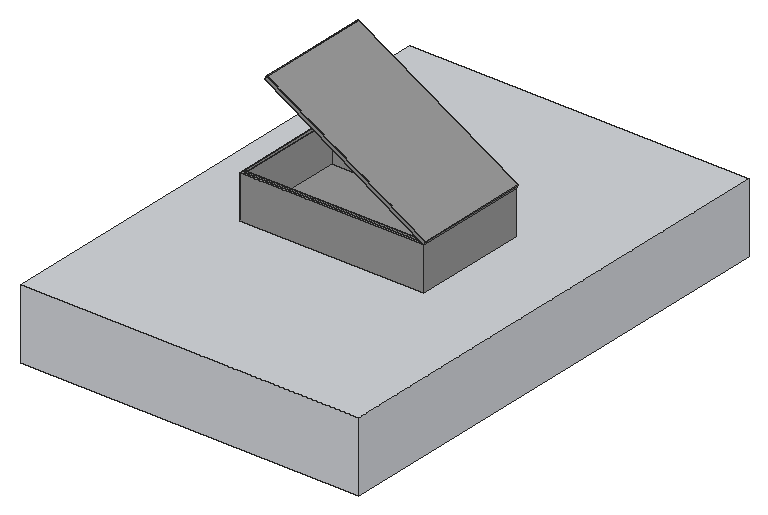
Revit family "Hager-Univers-IP44-D205-H500-Cl.II-Encl-PL-pl", category Equipement électrique, Revit 2020
Family settings
  Hôte = Face
  Configuration du panneau = Deux colonnes, circuits au sein
  Cote de connecteur circulaire = Utiliser le diamètre
  Type d'élément = Tableau de raccordement
  Couper avec des vides une fois chargée = Non
  Partagée = Non
  Point de calcul de pièce = Non
Parameters (values of type "Montaż natynkowy IP44 S800 W500 G205  - FP33SN2")
  Width Control [instance] = if([EF000008 - Szerokość] > Min Width, [EF000008 - Szerokość], Min Width)  # 800 mm
  Commentaires du type = [HG000003 - Zakres]  # "Univers"
  Thickness Door [instance] = if([EF009171 - Drzwi/pokrywa z materiału o wysokiej wytrzymałości mechanicznej] > 3 mm, 3 mm, [EF009171 - Drzwi/pokrywa z materiału o wysokiej wytrzymałości mechanicznej])  # 1 mm
  Seal Frame Offset [instance] = 17 mm  # constant formula
  Plinth Visibility [instance] = [HG000027 - Wysokość cokołu] > 0 mm  # no
  Model = ""
  Min Width [instance] = 100 mm  # constant formula
  Min Height [instance] = 100 mm  # constant formula
  Min Depth [instance] = (2 * [EF009170 - Obudowa z materiału o wysokiej wytrzymałości mechanicznej]) + 1 mm  # 3 mm
  Internal Frame Depth [instance] = (Door System Depth * 0.5)  # 9 mm
  Height Control [instance] = if([EF000040 - Wysokość] > Min Height, [EF000040 - Wysokość], Min Height)  # 500 mm
  HG000027 - Wysokość cokołu = 0 mm
  HG000026 - Stojąca = no
  HG000024 - Wysokość części dolnej = 800 mm
  HG000023 - Obudowa dwusekcyjna = no
  HG000016 - Widoczność drzwi w widoku 3D [instance] = yes
  HG000015 - Przestrzeń robocza - otwarcie drzwi [instance] = no
  HG000014 - Drzwi prawe [instance] = yes
  HG000013 - Drzwi lewe [instance] = not([HG000014 - Drzwi prawe])  # no
  HG000012 - Kąt otwarcia drzwi [instance] = 30.00°
  HG000010 - Drzwi asymetryczne = no
  HG000009 - Drzwi dwuskrzydłowe = no
  HG000006 - Montaż podtynkowy = no
  HG000004 - Referencja producenta = "FP33SN2"
  HG000003 - Zakres = "Univers"
  HG000002 - Z drzwiami lub pokrywą = yes
  Frame Offset Bottom [instance] = 10 mm  # constant formula
  Frame Offset [instance] = 15 mm  # constant formula
  EF015940 - Pokrywa z wyzwalaczem nadciśnieniowym = no
  EF011959 - Stopień ochrony (NEMA) = ""
  EF009554 - Liczba otworów pod flansze = 6
  Fabricant = "Hager"  # constant formula
  EF009212 - Wykonanie pokrywy = "EV000116 - Zamknięty"
  EF009171 - Drzwi/pokrywa z materiału o wysokiej wytrzymałości mechanicznej = 1 mm
  EF009170 - Obudowa z materiału o wysokiej wytrzymałości mechanicznej = 1 mm
  EF008873 - Prąd znamionowy (In) = 250 A
  EF007800 - Do ochrony odgromowej = no
  EF006306 - Z zamkiem = no
  EF006244 - Transparentna pokrywa/drzwi = no
  EF005474 - Stopień ochrony (IP) = "EV006418 - IP44"
  EF004464 - Rodzaj drzwi = "EV002646 - Pojedynczy"
  EF004427 - Liczba modułów = 108
  EF004293 - Odporność udarowa = "EV006815 - IK09"
  EF003532 - Do zastosowań zewnętrznych = no
  EF002950 - Szerokość wyrażona liczbą modułów = 36
  EF001613 - Podtrzymanie funkcji = "EV000494 - Brak"
  EF001596 - Materiał obudowy = "EV000179 - Stal"
  EF001131 - Głębokość wewnętrzna = 143 mm
  EF001088 - Możliwość rozbudowy = yes
  EF000437 - Liczba wejść kablowych = 6
  EF000339 - Rodzaj pokrywy = "EV001012 - Pokrywa"
  EF000266 - Liczba rzędów = 3
  EF000218 - Głębokość wbudowania = 205 mm
  EF000118 - Z płytą montażową = no
  EF000116 - Numer RAL = "9010"
  EF000049 - Głębokość = 205 mm
  EF000040 - Wysokość = 500 mm
  EF000008 - Szerokość = 800 mm
  EF000007 - Kolor = "EV000202 - Biały"
  EF000003 - Sposób montażu = "EV000384 - Montaż natynkowy"
  Door System Leaf Tolerance [instance] = 1.5 mm  # constant formula
  Door System Depth [instance] = 18 mm  # constant formula
  Door Height [instance] = Height Control - [HG000027 - Wysokość cokołu]  # 500 mm
  Depth Control [instance] = if([EF000049 - Głębokość] > Min Depth, [EF000049 - Głębokość], Min Depth)  # 205 mm
  Default Elevation = 0 mm
  Connector Offset [instance] = Height Control / 2  # 250 mm
  Bottom Top Plate Trim [instance] = 1.5 mm  # constant formula
  Plinth height Ctrl [instance] = if([HG000027 - Wysokość cokołu] > 0 mm, [HG000027 - Wysokość cokołu], 12 mm)  # 12 mm
Types (5, lengths in mm): name | Width Control | HG000010 - Drzwi asymetryczne | HG000009 - Drzwi dwuskrzydłowe | HG000004 - Referencja producenta | EF009554 - Liczba otworów pod flansze | EF004464 - Rodzaj drzwi | EF004427 - Liczba modułów | EF002950 - Szerokość wyrażona liczbą modułów | EF000437 - Liczba wejść kablowych | EF000008 - Szerokość
  Montaż natynkowy IP44 S1050 W500 G205  - FP34SN2 | 1050 | no | yes | "FP34SN2" | 8 | "EV003602 - Podwójny" | 144 | 48 | 8 | 1050
  Montaż natynkowy IP44 S1300 W500 G205  - FP35SN2 | 1300 | yes | yes | "FP35SN2" | 10 | "EV003602 - Podwójny" | 180 | 60 | 10 | 1300
  Montaż natynkowy IP44 S300 W500 G205  - FP31SN2 | 300 | no | no | "FP31SN2" | 2 | "EV002646 - Pojedynczy" | 36 | 12 | 2 | 300
  Montaż natynkowy IP44 S550 W500 G205  - FP32SN2 | 550 | no | no | "FP32SN2" | 4 | "EV002646 - Pojedynczy" | 72 | 24 | 4 | 550
  Montaż natynkowy IP44 S800 W500 G205  - FP33SN2 | 800 | no | no | "FP33SN2" | 6 | "EV002646 - Pojedynczy" | 108 | 36 | 6 | 800
Reference planes
  plane 1 "Center (Front/Back)": y = 0
  plane 2: z = 0
  plane 3 "Center (Left/Right)": x = 0
  plane 4: z = 205
  plane 5: y = 1
  plane 6: y = 250
  plane 7: y = 0
  plane 8: y = 500
  plane 9: z = 0
  plane 10: x = -385
  plane 11: x = 385
  plane 12: x = 384
  plane 13: x = -384
  plane 14: y = 499
  plane 15: x = -383
  plane 16: x = -400
  plane 17: x = 383
  plane 18: x = 400
  plane 19: x = 399
  plane 20: x = -399
  plane 21: y = 11
  plane 22: y = 500
  plane 23: y = 484
  plane 24: z = 187
  plane 25: z = 1
  plane 26: z = 186
  plane 27: z = 204
Forms (mm)
  Extrusion 1, solid
    sketch origin (0, 0, 0) x (1, 0, 0) y (0, 1, 0)
      loop
        line (-702.964, 1305) -> (-702.964, -811.445) -> (766.763, -811.445) -> (766.763, 1305) -> (-702.964, 1305)
    from 0 to -304.8
  Extrusion 2, solid, material "Hager_Steel_RAL7035_Light_Grey", visible <- "Plinth Visibility", detail levels medium+fine
    sketch origin (0, 0, 0) x (1, 0, 0) y (0, 1, 0)
      loop
        line (-400, 0) -> (400, 0) -> (400, 12) -> (-400, 12) -> (-400, 0)
    from 0 to 187
  Extrusion 3, solid, material "Hager_Steel_RAL7035_Light_Grey", detail levels medium+fine
    sketch origin (0, 0, 0) x (1, 0, 0) y (0, 1, 0)
      loop
        line (-400, 0) -> (400, 0) -> (400, 500) -> (-400, 500) -> (-400, 0)
    from 0 to 187
  Extrusion 4, void
    sketch origin (0, 0, 0) x (1, 0, 0) y (0, 1, 0)
      loop
        line (-399, 1) -> (399, 1) -> (399, 499) -> (-399, 499) -> (-399, 1)
    from 1 to 186
  Extrusion 5, void
    sketch origin (-381.607, -4572, 187) x (0, -1, 0) y (-1, 0, 0)
      loop
        line (-4583, 2.393) -> (-5056, 2.393) -> (-5056, -765.607) -> (-4583, -765.607) -> (-4583, 2.393)
    from 0 to 1 <- "EF009170 - Obudowa z materiału o wysokiej wytrzymałości mechanicznej"
  Extrusion 6, solid, material "Hager_Steel_RAL7035_Light_Grey", detail levels fine
    sketch origin (0, 0, 187) x (1, 0, 0) y (0, 1, 0)
      loop
        line (-384, 484) -> (-384, 11) -> (384, 11) -> (384, 484) -> (-384, 484)
      loop
        line (-385, 10) -> (385, 10) -> (385, 485) -> (-385, 485) -> (-385, 10)
    from 0 to 9 <- "Internal Frame Depth"
  Extrusion 7, solid, material "Hager_Steel_RAL7035_Light_Grey", detail levels coarse
    sketch origin (0, 0, 0) x (1, 0, 0) y (0, 1, 0)
      loop
        line (-400, 0) -> (400, 0) -> (400, 500) -> (-400, 500) -> (-400, 0)
    from 0 to 205
  Sweep 8, void
    path in 3D
      loop
        line (-400, 12, 0) -> (400, 12, 0) -> (400, 12, 187) -> (-400, 12, 187) -> (-400, 12, 0)
    profile origin (-400, 12, 93.5) x (-1, 0, 0) y (0, -1, 0)
      loop
        line (0, 0) -> (0, 1.5) -> (-1.5, 1.5)
        arc (-1.5, 1.5) -> (-1.061, 0.439) -> (0, 0) r 1.5
Cuts and joins
  Extrusion 4, Extrusion 5 cuts Extrusion 3
  Sweep 8 cuts Extrusion 2
Lines and regions (mm)
  Masking region 1
    outline origin (0, 0, 0) x (1, 0, 0) y (0, 0, 1)
      loop
        line (-400, 205) -> (-400, 0) -> (400, 0) -> (400, 205) -> (-400, 205)
  Masking region 2, detail levels medium+fine
    outline origin (0, 140, 0) x (0, 1, 0) y (0, 0, 1)
      loop
        line (-140, 0) -> (360, 0) -> (360, 187) -> (-140, 187) -> (-140, 0)
  Masking region 3, not visible, detail levels medium+fine
    outline origin (0, 297.922, 0) x (0, 1, 0) y (0, 0, 1)
      loop
        line (-36.422, 0) -> (3.578, 0) -> (3.578, 194)
        arc (3.578, 194) -> (0.649, 201.071) -> (-6.422, 204) r 10
        line (-6.422, 204) -> (-36.422, 204) -> (-36.422, 0)
  Masking region 4, detail levels coarse
    outline origin (0, 0, 180) x (0, 1, 0) y (0, 0, 1)
      loop
        line (0, -180) -> (500, -180) -> (500, 25) -> (0, 25) -> (0, -180)
  Masking region 5, visible <- "Plinth Visibility", detail levels medium+fine
    outline origin (0, 52.24, 12.345) x (0, 0, -1) y (0, 1, 0)
      loop
        line (10.845, -40.24) -> (-173.155, -40.24)
        arc (-173.155, -40.24) -> (-173.594, -41.301) -> (-174.655, -41.74) r 1.5
        line (-174.655, -41.74) -> (-174.655, -52.24) -> (12.345, -52.24) -> (12.345, -41.74)
        arc (12.345, -41.74) -> (11.285, -41.301) -> (10.845, -40.24) r 1.5
  Masking region 6, detail levels medium+fine
    outline origin (-381.607, -4572, 187) x (-1, 0, 0) y (0, -1, 0)
      loop
        line (18.393, -5072) -> (18.393, -4572) -> (-781.607, -4572) -> (-781.607, -5072) -> (18.393, -5072)
  Masking region 7, visible <- "Plinth Visibility", detail levels medium+fine
    outline origin (-381.607, -4727, 187) x (-1, 0, 0) y (0, -1, 0)
      loop
        arc (16.893, -4739) -> (17.332, -4737.939) -> (18.393, -4737.5) r 1.5
        line (18.393, -4737.5) -> (18.393, -4727) -> (-781.607, -4727) -> (-781.607, -4737.5)
        arc (-781.607, -4737.5) -> (-780.546, -4737.939) -> (-780.107, -4739) r 1.5
        line (-780.107, -4739) -> (16.893, -4739)
  Masking region 8, detail levels coarse
    outline origin (-442.548, -4669.526, 187) x (-1, 0, 0) y (0, -1, 0)
      loop
        line (-42.548, -5169.526) -> (-42.548, -4669.526) -> (-842.548, -4669.526) -> (-842.548, -5169.526) -> (-42.548, -5169.526)
  sketch lines
    curve 1: line (-400, 12, 187) -> (-400, 12, 0)
    curve 2: line (400, 12, 187) -> (-400, 12, 187)
    curve 3: line (400, 12, 187) -> (400, 12, 0)
    curve 4: line (-400, 12, 0) -> (400, 12, 0)
Dimensions and locks
  "Depth Control": plane 4 to Extrusion 1
  "HG000027 - Wysokość cokołu": plane 1 "Center (Front/Back)" to plane 7
  "EF009170 - Obudowa z materiału o wysokiej wytrzymałości mechanicznej": plane 5 to plane 7
  locked: connector elem to plane 3 "Center (Left/Right)"
  equal spacing: plane 8, plane 6, plane 7
  locked: connector elem to plane 6
  "EF009170 - Obudowa z materiału o wysokiej wytrzymałości mechanicznej": plane 8 to plane 14
  "EF009170 - Obudowa z materiału o wysokiej wytrzymałości mechanicznej": plane 10 to plane 13
  "EF009170 - Obudowa z materiału o wysokiej wytrzymałości mechanicznej": plane 12 to plane 11
  "Frame Offset": plane 20 to plane 13
  "Frame Offset": plane 12 to plane 19
  "EF009170 - Obudowa z materiału o wysokiej wytrzymałości mechanicznej": plane 16 to plane 20
  "EF009170 - Obudowa z materiału o wysokiej wytrzymałości mechanicznej": plane 19 to plane 18
  "Seal Frame Offset": plane 16 to plane 15
  "Seal Frame Offset": plane 17 to plane 18
  "Frame Offset Bottom": plane 21 to plane 5
  "Frame Offset": plane 14 to plane 23
  equal spacing: plane 16, plane 3 "Center (Left/Right)", plane 18
  "Width Control": plane 16 to plane 18
  "EF009170 - Obudowa z materiału o wysokiej wytrzymałości mechanicznej": plane 4 to plane 27
  "EF009170 - Obudowa z materiału o wysokiej wytrzymałości mechanicznej": plane 24 to plane 26
  "EF009170 - Obudowa z materiału o wysokiej wytrzymałości mechanicznej": plane 25 to level
  "Door System Depth": plane 4 to plane 24
  "Height Control": plane 1 "Center (Front/Back)" to Extrusion 7 sketch curve
  "Height Control": Masking region 4 sketch curve to plane 1 "Center (Front/Back)"
  "Height Control": plane 1 "Center (Front/Back)" to plane 22
  "Bottom Top Plate Trim": profile plane to Sweep 8 sketch curve
  "Bottom Top Plate Trim": Sweep 8 sketch curve to profile plane
  "Plinth height Ctrl": plane 1 "Center (Front/Back)" to Extrusion 2 sketch curve
  "Plinth height Ctrl": Masking region 5 sketch curve to plane 1 "Center (Front/Back)"
  "Plinth height Ctrl": plane 1 "Center (Front/Back)" to Masking region 7 sketch curve
  "Thickness Door": Extrusion 6 sketch curve to Extrusion 6 sketch curve  (x3)
  "Thickness Door": cut or joined group of Extrusion 3, Extrusion 4, Extrusion 5 to Extrusion 6 sketch curve
  radius of Masking region 3 sketch curve = 10 mm
  "Bottom Top Plate Trim": radius of Masking region 5 sketch curve  (x2)
  "Bottom Top Plate Trim": radius of Sweep 8 sketch curve
  "Bottom Top Plate Trim": radius of Masking region 7 sketch curve  (x2)
  aligned and locked: plane 2 to Extrusion 1
  aligned and locked: level to Extrusion 1
  aligned and locked: level to Masking region 1 sketch curve
  aligned and locked: Masking region 1 sketch curve to plane 18
  aligned and locked: Masking region 1 sketch curve to plane 16
  aligned and locked: plane 7 to Masking region 2 sketch curve
  aligned and locked: level to Masking region 3 sketch curve
  aligned and locked: Masking region 3 sketch curve to plane 27
  aligned and locked: level to Masking region 2 sketch curve
  aligned and locked: plane 1 "Center (Front/Back)" to Extrusion 2 sketch curve
  aligned and locked: Extrusion 3 sketch curve to plane 7
  aligned and locked: plane 16 to Extrusion 3 sketch curve
  aligned and locked: plane 18 to Extrusion 3 sketch curve
  aligned and locked: plane 20 to Extrusion 4 sketch curve
  aligned and locked: plane 19 to Extrusion 4 sketch curve
  aligned and locked: Extrusion 4 sketch curve to plane 5
  aligned and locked: Extrusion 4 to plane 25
  aligned and locked: plane 26 to Extrusion 4
  aligned and locked: plane 24 to Extrusion 3
  aligned and locked: Extrusion 5 sketch curve to plane 21
  aligned and locked: Extrusion 5 sketch curve to plane 13
  aligned and locked: Extrusion 5 sketch curve to plane 12
  aligned and locked: plane 18 to Extrusion 7 sketch curve
  aligned and locked: plane 1 "Center (Front/Back)" to Extrusion 7 sketch curve
  aligned and locked: plane 16 to Extrusion 7 sketch curve
  aligned and locked: plane 4 to Extrusion 7
  aligned and locked: Extrusion 7 to level
  aligned and locked: level to Masking region 4 sketch curve
  aligned and locked: Masking region 4 sketch curve to plane 1 "Center (Front/Back)"
  aligned and locked: Masking region 4 sketch curve to plane 4
  aligned and locked: nested 1 to level
  aligned and locked: nested 1 to plane 16
  aligned and locked: plane 8 to Extrusion 3 sketch curve
  aligned and locked: plane 23 to Extrusion 5 sketch curve
  aligned and locked: plane 14 to Extrusion 4 sketch curve
  aligned and locked: Masking region 2 sketch curve to plane 8
  aligned and locked: level to Masking region 5 sketch curve
  aligned and locked: plane 16 to Extrusion 2 sketch curve
  aligned and locked: plane 18 to Extrusion 2 sketch curve
  aligned and locked: Masking region 5 sketch curve to plane 24
  aligned and locked: Masking region 2 sketch curve to plane 24
  aligned and locked: plane 24 to Extrusion 2
  aligned and locked: profile plane to Sweep 8 sketch curve  (x2)
  aligned and locked: Masking region 6 sketch curve to plane 18
  aligned and locked: Masking region 6 sketch curve to plane 22
  aligned and locked: Masking region 6 sketch curve to plane 16
  aligned and locked: plane 8 to plane 22
  aligned and locked: Masking region 6 sketch curve to plane 7
  aligned and locked: Masking region 7 sketch curve to plane 16
  aligned and locked: Masking region 7 sketch curve to plane 1 "Center (Front/Back)"
  aligned and locked: Masking region 7 sketch curve to plane 18
  aligned and locked: Masking region 8 sketch curve to plane 1 "Center (Front/Back)"
  aligned and locked: Masking region 8 sketch curve to plane 18
  aligned and locked: Masking region 8 sketch curve to plane 22
  aligned and locked: Masking region 8 sketch curve to plane 16
  aligned and locked: nested 2 to plane 7
  aligned and locked: plane 3 "Center (Left/Right)" to nested 2
  aligned and locked: nested 2 to plane 24
  aligned and locked: Extrusion 6 sketch curve to cut or joined group of Extrusion 3, Extrusion 4, Extrusion 5  (x4)
Automatic sketch dimensions
  Extrusion 1 sketch curve to Extrusion 1 sketch curve = 1469.727 mm
  Extrusion 1 sketch curve to Extrusion 1 sketch curve = 2116.445 mm
  Masking region 1 sketch curve to plane 4 = 0 mm
  plane 6 to Masking region 3 sketch curve = 11.5 mm
  Masking region 3 sketch curve to Masking region 3 sketch curve = 30 mm
  Masking region 5 sketch curve to plane 1 "Center (Front/Back)" = 0 mm
Nested families
  nested 1: "Hager_Enclosure_Symbol" at (-400, 0, 0) x (1, 0, 0) z (0, -1, 0), Height <- "Depth Control", Width <- "Width Control", type "Hager_Enclosure_Symbol"
    with Width_Ctrl 800 mm, Width 800 mm, Height_Ctrl 205 mm, Height 205 mm, A_Width_Int 13.453 mm, A_Width 161.438 mm, A_Height_Ctrl 179.375 mm, A_Height 179.375 mm
  nested 2: "EC000058_Univers_Door" at (0, 0, 187) x (1, 0, 0) z (0, 1, 0), Leaf_Tolerance <- "Door System Leaf Tolerance", Angle <- "HG000012 - Kąt otwarcia drzwi", Door_Depth <- "Door System Depth", Door_Left <- "HG000013 - Drzwi lewe", Transparent <- "EF006244 - Transparentna pokrywa/drzwi", Assymetrical <- "HG000010 - Drzwi asymetryczne", Width <- "Width Control", Clearance <- "HG000015 - Przestrzeń robocza - otwarcie drzwi", Double <- "HG000009 - Drzwi dwuskrzydłowe", 3d_Door <- "HG000016 - Widoczność drzwi w widoku 3D", Lock_Visibility <- "EF006306 - Z zamkiem", Width_Ctrl <- "Width Control", Door_Right <- "HG000014 - Drzwi prawe", Door <- "HG000002 - Z drzwiami lub pokrywą", Height <- "Door Height", Thickness <- "Thickness Door", type "EC000058_Univers_Door", detail levels medium+fine
    with min_wh 3 mm, Width_Ctrl 800 mm, Width 800 mm, Transparent no, Thickness 1 mm, Seal_Material Hager_Rubber, Lock_Visibility no, Lock_Material Hager_Plastic_RAL9005_Jet_Black, Leaf_Width 800 mm, Leaf_Tolerance_External_Sides 0 mm, Leaf_Tolerance 1.5 mm, Leaf_Offset 0 mm, Leaf_Height 497 mm, Leaf_2_Width 800 mm, Leaf_2_Offset 400 mm, Leaf_1_Width 800 mm, Leaf_1_Offset 400 mm, Height_Ctrl 500 mm, Height 500 mm, Glass_Material Hager_Glass, Double_Clearance_Ctrl no, Double no, Door_Right_Ctrl yes, Door_Right yes, Door_Material Hager_Steel_RAL7035_Light_Grey, Door_Left_Ctrl no, Door_Left no, Door_Depth 18 mm, Door yes, Clearance_Material Hager_Clearance, Clearance_Depth 800 mm, Clearance_Ctrl no, Clearance no, Assymetrical no, Angle 30.00°, 3d_Door yes
Connectors
  electrical at (0, 250, 0)
    settings: on plane 9, index 1, voltage 0 V, apparent load 0 VA, apparent load phase1 0 VA, apparent load phase2 0 VA, apparent load phase3 0 VA, power factor 1, load classification "Other", number of poles 1, system type 30, power factor state 1, is connector primary yes, connector utility no, sub classification motor no, connector description ""
Definition of nested family "EC000058_Univers_Door"
  Parameters (values of type "EC000058_Univers_Door")
    min_wh [instance] = (2 * Thickness) + 1 mm  # 11 mm
    Width_Ctrl [instance] = 400 mm
    Width [instance] = 500 mm
    Transparent [instance] = yes
    Thickness [instance] = 5 mm
    Seal_Material [instance] = none
    Lock_Visibility [instance] = yes
    Lock_Material [instance] = none
    Leaf_Width [instance] = if((Width_Ctrl - 2 * Leaf_Tolerance_External_Sides) > 0 mm, (Width_Ctrl - 2 * Leaf_Tolerance_External_Sides), min_wh)  # 400 mm
    Leaf_Tolerance_External_Sides [instance] = 0 mm  # constant formula
    Leaf_Tolerance [instance] = 1.5 mm
    Leaf_Offset [instance] = 0 mm  # constant formula
    Leaf_Height [instance] = if((Height_Ctrl - 2 * Leaf_Tolerance) > 0 mm, (Height_Ctrl - 2 * Leaf_Tolerance), min_wh)  # 497 mm
    Leaf_2_Width [instance] = if(and(and(Double, Assymetrical), Door_Left), (Leaf_Width / 3) - (Leaf_Tolerance / 2), if(and(and(Double, Assymetrical), Door_Right), (Leaf_Width / 3) * 2 - (Leaf_Tolerance / 2), if(and(Double, not(Assymetrical)), (Leaf_Width / 2) - Leaf_Tolerance, Leaf_Width)))  # 400 mm
    Leaf_2_Offset [instance] = if(and(Double, Assymetrical), Leaf_2_Width / 2, if(and(Double, not(Assymetrical)), Leaf_Width / 4, Leaf_Width / 2))  # 200 mm
    Leaf_1_Width [instance] = if(and(and(Double, Assymetrical), Door_Right), (Leaf_Width / 3) - (Leaf_Tolerance / 2), if(and(and(Double, Assymetrical), Door_Left), (Width / 3) * 2 - (Leaf_Tolerance / 2), if(and(Double, not(Assymetrical)), (Leaf_Width / 2) - Leaf_Tolerance, Leaf_Width)))  # 400 mm
    Leaf_1_Offset [instance] = if(and(Double, Assymetrical), Leaf_1_Width / 2, if(and(Double, not(Assymetrical)), Leaf_Width / 4, Leaf_Width / 2))  # 200 mm
    Height_Ctrl [instance] = if(Height > min_wh, Height, min_wh)  # 500 mm
    Height [instance] = 500 mm
    Glass_Material [instance] = none
    Double_Clearance_Ctrl [instance] = and(Double, Clearance)  # no
    Double [instance] = no
    Door_Right_Ctrl [instance] = and(or(Door_Right, Double), Door)  # yes
    Door_Right [instance] = yes
    Door_Material [instance] = none
    Door_Left_Ctrl [instance] = and(or(Door_Left, Double), Door)  # no
    Door_Left [instance] = no
    Door_Depth [instance] = 30 mm
    Door [instance] = yes
    Default Elevation = 1219.2 mm
    Clearance_Material [instance] = none
    Clearance_Depth [instance] = if(Leaf_1_Width > Leaf_2_Width, Leaf_1_Width, Leaf_2_Width)  # 400 mm
    Clearance_Ctrl [instance] = and(not(Double), Clearance)  # yes
    Clearance [instance] = yes
    Assymetrical [instance] = yes
    Angle [instance] = 30.00°
    3d_Door [instance] = yes
  Reference planes
    plane 1 "Center (Front/Back)": y = 0
    plane 2 "Bottom": z = 0
    plane 3 "Center (Left/Right)": x = 0
    plane 4: z = 500
    plane 5: x = -200
    plane 6: x = 200
    plane 7: z = 500
    plane 8: x = -200
    plane 9: z = 0
    plane 10: x = 200
    plane 11: y = 0
    plane 12: z = 1.5
    plane 13: x = -600
    plane 14: y = -400
    plane 15: x = 600
    plane 16: x = 0
    plane 17: x = 0
    plane 18: x = -200
    plane 19: x = 200
    plane 20: z = 498.5
  Forms (mm)
    Extrusion 1, solid, material <- "Clearance_Material", visible <- "Double_Clearance_Ctrl"
      sketch origin (1200, 0, 0) x (1, 0, 0) y (0, 0, -1)
        loop
          line (-1800, -498.5) -> (-600, -498.5) -> (-600, 0) -> (-1800, 0) -> (-1800, -498.5)
      from 0 to -400
  Dimensions and locks
    equal spacing: plane 5, plane 3 "Center (Left/Right)", plane 6
    "Width_Ctrl": plane 5 to plane 6
    "Leaf_Offset": plane 5 to plane 8
    "Leaf_Offset": plane 6 to plane 10
    "Leaf_Offset": plane 9 to level
    "Leaf_Offset": plane 4 to plane 7
    "Height_Ctrl": plane 4 to level
    "Leaf_Tolerance": plane 12 to plane 9
    locked: plane 11 to plane 1 "Center (Front/Back)"
    "Leaf_1_Offset": plane 18 to plane 16
    "Leaf_2_Offset": plane 17 to plane 19
    "Leaf_1_Width": plane 13 to plane 8
    "Leaf_2_Width": plane 10 to plane 15
    "Clearance_Depth": plane 14 to plane 1 "Center (Front/Back)"
    "Leaf_Tolerance_External_Sides": plane 8 to plane 18
    "Leaf_Tolerance_External_Sides": plane 19 to plane 10
    "Leaf_Tolerance": plane 7 to plane 20
    aligned and locked: level to plane 2 "Bottom"
    aligned and locked: nested 1 to plane 16
    aligned and locked: nested 2 to plane 17
    aligned and locked: Extrusion 1 to plane 13
    aligned and locked: plane 15 to Extrusion 1
    aligned and locked: Extrusion 1 to plane 14
    aligned and locked: plane 12 to nested 1
    aligned and locked: nested 2 to plane 12
    aligned and locked: Extrusion 1 to plane 11
    aligned and locked: plane 20 to Extrusion 1
    aligned and locked: nested 2 to plane 11
    aligned and locked: nested 1 to plane 11
  Automatic sketch dimensions
    Extrusion 1 sketch curve to level = 0 mm
    plane 5 to Extrusion 1 sketch curve = 400 mm
    plane 6 to Extrusion 1 sketch curve = 400 mm
    Extrusion 1 sketch curve to plane 4 = 1.5 mm
  Nested families
    nested 1: "EC000058_Univers_Door_Leaf" at (0, 0, 1.5), Width <- "Leaf_1_Width", visible <- "Door_Left_Ctrl", Leaf_Height <- "Leaf_Height", Angle <- "Angle", 3d_Door <- "3d_Door", Transparent <- "Transparent", Clearance Material <- "Clearance_Material", Clearance <- "Clearance_Ctrl", Door_Material <- "Door_Material", Glass_Material <- "Glass_Material", Door_Depth <- "Door_Depth", Lock_Material <- "Lock_Material", Seal_Material <- "Seal_Material", Lock_Visibility <- "Lock_Visibility", Thickness <- "Thickness", type "EC000058_Univers_Door_Leaf"
      with Width 400 mm, Transparent_Glass_Offset 30 mm, Transparent_Ctrl yes, Transparent yes, Thickness 5 mm, Standard no, Seal_Material none, Seal_D2 8 mm, Seal_D1 1 mm, Offset_Internal_Frame 10 mm, Lock_Width 20 mm, Lock_Visibility_3d yes, Lock_Visibility yes, Lock_Thickness_3 3 mm, Lock_Thickness_2 1 mm, Lock_Thickness_1 3 mm, Lock_Radius_Offset_2 16 mm, Lock_Radius_Offset_1 15 mm, Lock_Radius_2 5 mm, Lock_Radius 6 mm, Lock_Offset 5 mm, Lock_Material none, Lock_Height 80 mm, Lock_Cover_Top_Offset_2d 17 mm, Lock_Cover_Height -65 mm, Leaf_Height 497 mm, Internal_Seal_Thickness 8 mm, Internal_Seal_Depth_2 4.5 mm, Internal_Frame_Depth 25 mm, Glass_Thickness -1 mm, Glass_Offset -2 mm, Glass_Material none, Door_Material none, Door_Depth 30 mm, Clearance Material none, Clearance yes, Angle_Ctrl 30.00°, Angle 30.00°, 3d_Door yes
    nested 2: "EC000058_Univers_Door_Leaf" at (0, 0, 1.5) x (-1, 0, 0) z (0, 0, 1), Width <- "Leaf_2_Width", visible <- "Door_Right_Ctrl", Leaf_Height <- "Leaf_Height", Angle <- "Angle", 3d_Door <- "3d_Door", Transparent <- "Transparent", Clearance Material <- "Clearance_Material", Clearance <- "Clearance_Ctrl", Door_Material <- "Door_Material", Glass_Material <- "Glass_Material", Door_Depth <- "Door_Depth", Lock_Material <- "Lock_Material", Seal_Material <- "Seal_Material", Lock_Visibility <- "Lock_Visibility", Thickness <- "Thickness", type "EC000058_Univers_Door_Leaf"
      with Width 400 mm, Transparent_Glass_Offset 30 mm, Transparent_Ctrl yes, Transparent yes, Thickness 5 mm, Standard no, Seal_Material none, Seal_D2 8 mm, Seal_D1 1 mm, Offset_Internal_Frame 10 mm, Lock_Width 20 mm, Lock_Visibility_3d yes, Lock_Visibility yes, Lock_Thickness_3 3 mm, Lock_Thickness_2 1 mm, Lock_Thickness_1 3 mm, Lock_Radius_Offset_2 16 mm, Lock_Radius_Offset_1 15 mm, Lock_Radius_2 5 mm, Lock_Radius 6 mm, Lock_Offset 5 mm, Lock_Material none, Lock_Height 80 mm, Lock_Cover_Top_Offset_2d 17 mm, Lock_Cover_Height -65 mm, Leaf_Height 497 mm, Internal_Seal_Thickness 8 mm, Internal_Seal_Depth_2 4.5 mm, Internal_Frame_Depth 25 mm, Glass_Thickness -1 mm, Glass_Offset -2 mm, Glass_Material none, Door_Material none, Door_Depth 30 mm, Clearance Material none, Clearance yes, Angle_Ctrl 30.00°, Angle 30.00°, 3d_Door yes
  Definition of nested family "EC000058_Univers_Door_Leaf"
    Parameters (values of type "EC000058_Univers_Door_Leaf")
      Width [instance] = 2000 mm
      Transparent_Glass_Offset [instance] = 30 mm
      Transparent_Ctrl [instance] = and(Transparent, [3d_Door])  # yes
      Transparent [instance] = yes
      Thickness [instance] = 5 mm
      Standard [instance] = and(not(Transparent), [3d_Door])  # no
      Seal_Material [instance] = none
      Seal_D2 [instance] = 8 mm  # constant formula
      Seal_D1 [instance] = 1 mm  # constant formula
      Offset_Internal_Frame [instance] = 10 mm  # constant formula
      Lock_Width [instance] = 20 mm  # constant formula
      Lock_Visibility_3d [instance] = and(Lock_Visibility, [3d_Door])  # yes
      Lock_Visibility [instance] = yes
      Lock_Thickness_3 [instance] = 3 mm  # constant formula
      Lock_Thickness_2 [instance] = 1 mm  # constant formula
      Lock_Thickness_1 [instance] = 3 mm  # constant formula
      Lock_Radius_Offset_2 [instance] = Lock_Radius_Offset_1 + 1 mm  # 16 mm
      Lock_Radius_Offset_1 [instance] = 15 mm  # constant formula
      Lock_Radius_2 [instance] = Lock_Radius - 1 mm  # 5 mm
      Lock_Radius [instance] = 6 mm  # constant formula
      Lock_Offset [instance] = 5 mm  # constant formula
      Lock_Material [instance] = none
      Lock_Height [instance] = 80 mm  # constant formula
      Lock_Cover_Top_Offset_2d [instance] = Lock_Radius_Offset_2 + 1 mm  # 17 mm
      Lock_Cover_Height [instance] = -(Lock_Height - Lock_Radius_Offset_1)  # -65 mm
      Leaf_Height [instance] = 2720.336 mm
      Internal_Seal_Thickness [instance] = 8 mm  # constant formula
      Internal_Seal_Depth_2 [instance] = 4.5 mm  # constant formula
      Internal_Frame_Depth [instance] = if(Door_Depth - Thickness > 5 mm, Door_Depth - Thickness, 5 mm)  # 25 mm
      Glass_Thickness [instance] = if(Thickness > 15 mm, Glass_Offset + 10 mm, -1 mm)  # -1 mm
      Glass_Offset [instance] = if(Thickness > 15 mm, -(Thickness + 10 mm) / 2, -2 mm)  # -2 mm
      Glass_Material [instance] = none
      Door_Material [instance] = none
      Door_Depth [instance] = 30 mm
      Default Elevation = 0 mm
      Clearance Material [instance] = none
      Clearance [instance] = yes
      Angle_Ctrl [instance] = if(Angle > 180.00°, 180.00°, Angle)  # 90.00°
      Angle [instance] = 90.00°
      3d_Door [instance] = yes
    Reference planes
      plane 1 "Center (Front/Back)": y = 0
      plane 2: z = 0
      plane 3 "Center (Left/Right)": x = 0
      plane 4: y = 2000
      plane 5: x = -1000
      plane 6: x = 1000
      plane 7: x = -3000
      plane 8: z = 2720.336
      plane 9: z = 30
      plane 10: z = 2690.336
      plane 11: x = 970
      plane 12: x = -970
      plane 13: y = -3
      plane 14: z = 107.833
      plane 15: y = -5
      plane 16: y = -223.314
      plane 17: x = -1000
      plane 18: z = 1360.168
      plane 19: y = 30
    Forms (mm)
      Extrusion 1, solid, material <- "Clearance Material", visible <- "Clearance"
        sketch origin (0, 0, 0) x (1, 0, 0) y (0, 0, 1)
          loop
            line (-3000, 2720.336) -> (-3000, 0) -> (1000, 0) -> (1000, 2720.336) -> (-3000, 2720.336)
        from 0 to -2000
      Extrusion 2, solid, material <- "Door_Material", visible <- "Standard", detail levels medium+fine
        sketch origin (-1000, 0, 0) x (0, 1, 0) y (-1, 0, 0)
          loop
            line (0, 30) -> (0, 25) -> (2000, 25) -> (2000, 30) -> (0, 30)
        from 0 to 2720.336 <- "Leaf_Height"
      Extrusion 3, solid, material <- "Door_Material", visible <- "Transparent_Ctrl", detail levels medium+fine
        sketch origin (-1000, 0, 0) x (0, 1, 0) y (-1, 0, 0)
          loop
            line (0, 25) -> (2000, 25) -> (2000, 30) -> (0, 30) -> (0, 25)
        from 0 to 2720.336 <- "Leaf_Height"
      Extrusion 4, void
        sketch origin (-1025, 2000, 0) x (0, 1, 0) y (0, 0, -1)
          loop
            line (-30, -2690.336) -> (-30, -30) -> (-1970, -30) -> (-1970, -2690.336) -> (-30, -2690.336)
        from 0 to 5 <- "Thickness"
      Sweep 5, solid, material <- "Seal_Material", visible <- "Transparent_Ctrl", detail levels fine
        path in 3D
          loop
            line (-1025, 30, 30) -> (-1025, 30, 2690.336) -> (-1025, 1970, 2690.336) -> (-1025, 1970, 30) -> (-1025, 30, 30)
        profile origin (-1025, 1000, 30) x (1, 0, 0) y (0, 0, 1)
          loop
            line (0, 0) -> (0, -8) -> (1, -8) -> (1, 0) -> (0, 0)
      Extrusion 6, solid, material <- "Glass_Material", visible <- "Transparent_Ctrl", detail levels medium+fine
        sketch origin (-1030, 0, 0) x (0, 1, 0) y (0, 0, -1)
          loop
            line (1970, -2690.336) -> (1970, -30) -> (30, -30) -> (30, -2690.336) -> (1970, -2690.336)
        from -2 <- "Glass_Offset" to -1 <- "Glass_Thickness"
      Extrusion 7, solid, material <- "Door_Material", visible <- "3d_Door", detail levels medium+fine
        sketch origin (-1025, 2000, 0) x (0, -1, 0) y (0, 0, -1)
          loop
            line (0, -2720.336) -> (2000, -2720.336) -> (2000, 0) -> (0, 0) -> (0, -2720.336)
          loop
            line (1995, -5) -> (5, -5) -> (5, -2715.336) -> (1995, -2715.336) -> (1995, -5)
        from 0 to 25 <- "Internal_Frame_Depth"
      Sweep 8, solid, material <- "Seal_Material", visible <- "Transparent_Ctrl", detail levels fine
        path in 3D
          loop
            line (-1025, 0, 0) -> (-1025, 2000, 0) -> (-1025, 2000, 2720.336) -> (-1025, 0, 2720.336) -> (-1025, 0, 0)
        profile origin (-1025, 0, 1360.168) x (1, 0, 0) y (0, 1, 0)
          loop
            line (0, 10) -> (2.975, 10)
            arc (2.975, 10) -> (4.053, 10.447) -> (4.5, 11.525) r 1.525
            line (4.5, 11.525) -> (4.5, 16.527)
            arc (4.5, 16.527) -> (4.069, 17.569) -> (3.027, 18) r 1.473
            line (3.027, 18) -> (0, 18) -> (0, 10)
      Extrusion 9, solid, material <- "Lock_Material", visible <- "Lock_Visibility_3d", detail levels fine
        sketch origin (-1030, 0, 0) x (0, 1, 0) y (0, 0, -1)
          loop
            arc (1993.5, -1400.168) -> (1994.561, -1399.729) -> (1995, -1398.668) r 1.5
            line (1995, -1398.668) -> (1995, -1320.168) -> (1975, -1320.168) -> (1975, -1398.668)
            arc (1975, -1398.668) -> (1975.439, -1399.729) -> (1976.5, -1400.168) r 1.5
            line (1976.5, -1400.168) -> (1993.5, -1400.168)
        from 3 <- "Lock_Thickness_1" to 0
      Blend 10, solid, material <- "Lock_Material", visible <- "Lock_Visibility_3d", detail levels fine
        base sketch origin (-1033, 0, 0) x (0, 1, 0) y (0, 0, -1)
          loop
            line (1975, -1320.168) -> (1975, -1398.668)
            arc (1975, -1398.668) -> (1975.439, -1399.729) -> (1976.5, -1400.168) r 1.5
            line (1976.5, -1400.168) -> (1993.5, -1400.168)
            arc (1993.5, -1400.168) -> (1994.561, -1399.729) -> (1995, -1398.668) r 1.5
            line (1995, -1398.668) -> (1995, -1320.168) -> (1975, -1320.168)
        top sketch origin (-1033, 0, 0) x (0, 1, 0) y (0, 0, -1)
          loop
            line (1976, -1320.168) -> (1976, -1398.668)
            arc (1976, -1398.668) -> (1976.146, -1399.022) -> (1976.5, -1399.168) r 0.5
            line (1976.5, -1399.168) -> (1993.5, -1399.168)
            arc (1993.5, -1399.168) -> (1993.854, -1399.022) -> (1994, -1398.668) r 0.5
            line (1994, -1398.668) -> (1994, -1320.168) -> (1976, -1320.168)
        from 0 to 1 <- "Lock_Thickness_2"
      Blend 11, solid, material <- "Lock_Material", visible <- "Lock_Visibility_3d", detail levels fine
        base sketch origin (-1034, 0, 0) x (0, 1, 0) y (0, 0, -1)
          loop
            line (1978, -1320.168) -> (1978, -1384.168)
            arc (1978, -1384.168) -> (1985, -1391.168) -> (1992, -1384.168) r 7
            line (1992, -1384.168) -> (1992, -1320.168) -> (1978, -1320.168)
        top sketch origin (-1034, 0, 0) x (0, 1, 0) y (0, 0, -1)
          loop
            line (1991, -1320.168) -> (1979, -1320.168) -> (1979, -1383.168)
            arc (1979, -1383.168) -> (1985, -1389.168) -> (1991, -1383.168) r 6
            line (1991, -1383.168) -> (1991, -1320.168)
        from 0 to 3 <- "Lock_Thickness_3"
      Extrusion 12, solid, material <- "Lock_Material", visible <- "Lock_Visibility_3d", detail levels fine
        sketch origin (-1030, 1975, 1320.168) x (1, 0, 0) y (0, -1, 0)
          loop
            line (-7, -19) -> (-7, -1) -> (0, -1) -> (0, 0) -> (-8, 0) -> (-8, -20) -> (0, -20) -> (0, -19) -> (-7, -19)
        from 0 to -65 <- "Lock_Cover_Height"
      Extrusion 13, void
        sketch origin (-1038, 1995, 1320.168) x (-1, 0, 0) y (0, 0, -1)
          loop
            line (-5, -65) -> (0, -65) -> (-5, -60) -> (-5, -65)
        from 0 to 20 <- "Lock_Width"
      Extrusion 14, void
        sketch origin (-1038, 1975, 1320.168) x (0, -1, 0) y (0, 0, -1)
          loop
            circle (-10, -15.995) r 6
          loop
            circle (-10, -15.995) r 5
        from 0 to 2
      Extrusion 15, solid, material <- "Lock_Material", visible <- "Lock_Visibility_3d", detail levels medium
        sketch origin (-1030, 0, 0) x (0, 1, 0) y (0, 0, -1)
          loop
            arc (1993.5, -1400.168) -> (1994.561, -1399.729) -> (1995, -1398.668) r 1.5
            line (1995, -1398.668) -> (1995, -1320.168) -> (1975, -1320.168) -> (1975, -1398.668)
            arc (1975, -1398.668) -> (1975.439, -1399.729) -> (1976.5, -1400.168) r 1.5
            line (1976.5, -1400.168) -> (1993.5, -1400.168)
        from 8 to 0
    Cuts and joins
      Extrusion 4 cuts Extrusion 3
      Extrusion 13, Extrusion 14 cuts Extrusion 9
      Extrusion 14 cuts Blend 11
      Extrusion 13, Extrusion 14 cuts Extrusion 12
      joined: Extrusion 9, Blend 10, Blend 11, Extrusion 12
      Extrusion 14 cuts Extrusion 15
    Lines and regions (mm)
      Masking region 1, visible <- "Lock_Visibility", detail levels fine
        outline origin (0, 0, 0) x (0, 1, 0) y (0, 0, 1)
          loop
            line (30, 1320.168) -> (33, 1320.168) -> (33, 1400.168) -> (30, 1400.168) -> (30, 1320.168)
      Masking region 2, visible <- "Lock_Visibility", detail levels fine
        outline origin (0, 3.143, 0) x (0, 1, 0) y (0, 0, 1)
          loop
            line (29.857, 1354.168) -> (30.857, 1354.168) -> (30.857, 1366.168) -> (29.857, 1366.168) -> (29.857, 1354.168)
      Masking region 3, detail levels medium+fine
        outline origin (0, 0, 0) x (0, 1, 0) y (0, 0, 1)
          loop
            line (0, 0) -> (30, 0) -> (30, 2720.336) -> (0, 2720.336) -> (0, 0)
      Masking region 4, detail levels medium+fine
        outline origin (0, 0, 0) x (1, 0, 0) y (0, 0, 1)
          loop
            line (-1000, 2720.336) -> (-1000, 0) -> (1000, 0) -> (1000, 2720.336) -> (-1000, 2720.336)
      Masking region 5, visible <- "Lock_Visibility", detail levels fine
        outline origin (-47.116, 0, 0) x (1, 0, 0) y (0, 0, 1)
          loop
            arc (1024.616, 1399.168) -> (1023.556, 1398.729) -> (1023.116, 1397.668) r 1.5
            line (1023.116, 1397.668) -> (1023.116, 1320.168) -> (1041.116, 1320.168) -> (1041.116, 1397.668)
            arc (1041.116, 1397.668) -> (1040.677, 1398.729) -> (1039.616, 1399.168) r 1.5
            line (1039.616, 1399.168) -> (1024.616, 1399.168)
      Masking region 6, visible <- "Lock_Visibility", detail levels medium+fine
        outline origin (-25, 0, 0) x (1, 0, 0) y (0, 0, 1)
          loop
            arc (1001.5, 1400.168) -> (1000.439, 1399.729) -> (1000, 1398.668) r 1.5
            line (1000, 1398.668) -> (1000, 1320.168) -> (1020, 1320.168) -> (1020, 1398.668)
            arc (1020, 1398.668) -> (1019.561, 1399.729) -> (1018.5, 1400.168) r 1.5
            line (1018.5, 1400.168) -> (1001.5, 1400.168)
      Masking region 7, visible <- "Lock_Visibility", detail levels fine
        outline origin (-73.735, 0, 0) x (1, 0, 0) y (0, 0, 1)
          loop
            line (1051.735, 1382.168) -> (1065.735, 1382.168) -> (1065.735, 1384.168)
            arc (1065.735, 1384.168) -> (1058.735, 1391.168) -> (1051.735, 1384.168) r 7
            line (1051.735, 1384.168) -> (1051.735, 1382.168)
      Masking region 8, visible <- "Lock_Visibility", detail levels fine
        outline origin (-73.735, 0, 0) x (1, 0, 0) y (0, 0, 1)
          loop
            line (1052.735, 1382.168) -> (1064.735, 1382.168) -> (1064.735, 1383.168)
            arc (1064.735, 1383.168) -> (1058.735, 1389.168) -> (1052.735, 1383.168) r 6
            line (1052.735, 1383.168) -> (1052.735, 1382.168)
      Masking region 9, visible <- "Lock_Visibility", detail levels fine
        outline origin (-25, 0, 0) x (1, 0, 0) y (0, 0, 1)
          loop
            line (1020, 1320.168) -> (1020, 1382.168) -> (1000, 1382.168) -> (1000, 1320.168) -> (1020, 1320.168)
      Masking region 10, detail levels medium+fine
        outline origin (0, 0, 0) x (1, 0, 0) y (0, 0, 1)
          loop
            circle (985, 1335.144) r 6
      Masking region 11, detail levels fine
        outline origin (0, 0, 0) x (1, 0, 0) y (0, 0, 1)
          loop
            circle (985, 1335.144) r 5
      Masking region 12, visible <- "Lock_Visibility", detail levels fine
        outline origin (0, 12.767, 0) x (0, 1, 0) y (0, 0, 1)
          loop
            line (20.233, 1320.168) -> (21.233, 1320.168) -> (21.233, 1399.168) -> (20.233, 1400.168) -> (20.233, 1320.168)
      Masking region 13, visible <- "Lock_Visibility", detail levels fine
        outline origin (0, 13.767, -10) x (0, 1, 0) y (0, 0, 1)
          loop
            line (20.233, 1330.168) -> (23.233, 1330.168) -> (23.233, 1399.168) -> (20.233, 1402.168) -> (20.233, 1330.168)
      Masking region 14, visible <- "Lock_Visibility", detail levels fine
        outline origin (0, 12.767, -10) x (0, 1, 0) y (0, 0, 1)
          loop
            line (20.233, 1330.168) -> (25.233, 1330.168) -> (25.233, 1399.305) -> (20.233, 1394.305) -> (20.233, 1330.168)
      Masking region 15, visible <- "Lock_Visibility", detail levels medium
        outline origin (0, 0, 0) x (0, 1, 0) y (0, 0, 1)
          loop
            line (30, 1320.168) -> (38, 1320.168) -> (38, 1400.168) -> (30, 1400.168) -> (30, 1320.168)
      Masking region 16, visible <- "Lock_Visibility", detail levels fine
        outline origin (-1000, 0, 0) x (0, 1, 0) y (-1, 0, 0)
          loop
            line (1975, 30) -> (1995, 30) -> (1995, 38) -> (1975, 38) -> (1975, 30)
          loop
            line (1979, 37) -> (1976, 37) -> (1976, 34) -> (1978, 34) -> (1979, 37)
          loop
            line (1994, 37) -> (1991, 37) -> (1992, 34) -> (1994, 34) -> (1994, 37)
      Masking region 17, visible <- "Lock_Visibility", detail levels medium
        outline origin (-1000, 0, 0) x (0, 1, 0) y (-1, 0, 0)
          loop
            line (1975, 30) -> (1995, 30) -> (1995, 38) -> (1975, 38) -> (1975, 30)
      symbolic lines
        curve 1: line (1000, 0, 0) -> (-3000, 0, 0)
        curve 2: arc (1000, 0, 0) -> (-1000, 2000, 0) -> (-3000, 0, 0) r 2000
        curve 4: line (-1030, 0, 0) -> (-1030, 2000, 0)
      reference lines
        curve 3: line (-1000, 0, 0) -> (-1000, 2000, 0)
      symbolic lines, detail levels medium+fine
        curve 5: line (-1030, 2000, 0) -> (-1025, 2000, 0)
        curve 7: line (-1025, 0, 0) -> (-1030, 0, 0)
        curve 8: line (-1025, 0, 0) -> (-1000, 0, 0)
        curve 9: line (-1000, 0, 0) -> (-1000, 2000, 0)
        curve 10: line (-1000, 2000, 0) -> (-1025, 2000, 0)
      symbolic lines, detail levels fine
        curve 6: line (-1025, 2000, 0) -> (-1025, 0, 0)
      sketch lines
        curve 11: line (-1025, 0, 2720.336) -> (-1025, 0, 0)
        curve 12: line (-1025, 2000, 0) -> (-1025, 0, 0)
        curve 13: line (-1025, 2000, 2720.336) -> (-1025, 2000, 0)
        curve 14: line (-1025, 0, 2720.336) -> (-1025, 2000, 2720.336)
        curve 15: line (-1025, 1970, 30) -> (-1025, 30, 30)
        curve 16: line (-1025, 30, 30) -> (-1025, 30, 2690.336)
        curve 17: line (-1025, 1970, 2690.336) -> (-1025, 1970, 30)
        curve 18: line (-1025, 30, 2690.336) -> (-1025, 1970, 2690.336)
      symbolic lines, visible <- "Transparent", detail levels medium+fine
        curve 19: line (-970, 0, 2690.336) -> (970, 0, 2690.336)
        curve 20: line (-970, 0, 30) -> (-970, 0, 2690.336)
        curve 21: line (970, 0, 30) -> (-970, 0, 30)
        curve 22: line (970, 0, 2690.336) -> (970, 0, 30)
    Dimensions and locks
      "Width": plane 1 "Center (Front/Back)" to plane 4
      equal spacing: plane 5, plane 3 "Center (Left/Right)", plane 6
      "Width": plane 5 to plane 6
      "Width": plane 7 to plane 5
      "Leaf_Height": plane 8 to level
      "Width": curve 5 to curve 3
      "Width": curve 3 to curve 3
      plane 8 to plane 10 = 30 mm
      plane 9 to level = 30 mm
      plane 12 to plane 5 = 30 mm
      plane 6 to plane 11 = 30 mm
      Extrusion 1 to Extrusion 4 sketch curve = 30 mm
      "Transparent_Glass_Offset": curve 3 to Extrusion 4 sketch curve
      "Transparent_Glass_Offset": Extrusion 4 sketch curve to cut or joined group of Extrusion 3, Extrusion 4  (x2)
      cut or joined group of Extrusion 3, Extrusion 4 to Extrusion 6 sketch curve = 30 mm
      "Transparent_Glass_Offset": cut or joined group of Extrusion 3, Extrusion 4 to Extrusion 4 sketch curve
      "Thickness": curve 6 to curve 4
      "Thickness": Extrusion 7 sketch curve to Extrusion 7 sketch curve  (x4)
      "Door_Depth": curve 4 to curve 3
      "Offset_Internal_Frame": profile plane to Sweep 8 sketch curve
      "Internal_Seal_Thickness": Sweep 8 sketch curve to Sweep 8 sketch curve
      "Internal_Seal_Depth_2": profile plane to Sweep 8 sketch curve
      "Seal_D1": profile plane to Sweep 5 sketch curve
      "Seal_D2": profile plane to Sweep 5 sketch curve
      "Thickness": Extrusion 2 sketch curve to Extrusion 2 sketch curve
      equal spacing: Extrusion 9 sketch curve, plane 18, Extrusion 9 sketch curve  (x2)
      equal spacing: Masking region 1 sketch curve, plane 18, Masking region 1 sketch curve
      "Lock_Height": Masking region 1 sketch curve to Masking region 1 sketch curve
      "Lock_Radius": Masking region 2 sketch curve to plane 18 to Masking region 2 sketch curve
      Masking region 2 sketch curve to Masking region 1 = 1 mm
      "Door_Depth": plane 19 to plane 1 "Center (Front/Back)"
      "Lock_Thickness_1": Masking region 1 sketch curve to plane 19
      "Lock_Width": Extrusion 9 sketch curve to Extrusion 9 sketch curve
      "Lock_Height": Extrusion 9 sketch curve to Extrusion 9 sketch curve
      "Lock_Offset": cut or joined group of Extrusion 3, Extrusion 4 to Extrusion 9 sketch curve
      equal spacing: plane 8, plane 18, level
      "Lock_Radius_Offset_1": Blend 11 sketch curve to Blend 10
      locked: Blend 10 to Blend 11 sketch curve at 2  (x2)
      locked: var sketch to Blend 11 sketch curve at 1  (x2)
      "Lock_Radius_Offset_2": Blend 11 sketch curve to Blend 10
      locked: Extrusion 12 sketch curve to Extrusion 12 sketch curve at 1  (x3)
      Masking region 6 sketch curve to Masking region 6 sketch curve = 80 mm
      "Lock_Height": Masking region 6 sketch curve to Masking region 6 sketch curve
      "Lock_Width": Masking region 6 sketch curve to Masking region 6 sketch curve
      locked: Masking region 6 to Masking region 5 sketch curve at 1  (x3)
      locked: Masking region 5 to Masking region 7 sketch curve at 2  (x2)
      "Lock_Radius_Offset_1": Masking region 5 to Masking region 7 sketch curve
      "Lock_Radius_Offset_2": Masking region 5 to Masking region 8 sketch curve
      locked: Masking region 7 to Masking region 8 sketch curve at 1  (x2)
      "Lock_Cover_Top_Offset_2d": Masking region 5 to Masking region 9 sketch curve
      equal spacing: Masking region 9, Masking region 10 sketch curve, Masking region 9
      equal spacing: Masking region 9, Masking region 11 sketch curve, Masking region 9
      Extrusion 15 sketch curve to Extrusion 15 sketch curve = 80 mm
      "Lock_Width": Extrusion 15 sketch curve to Extrusion 15 sketch curve
      "Lock_Height": Extrusion 15 sketch curve to Extrusion 15 sketch curve
      equal spacing: Extrusion 15 sketch curve, plane 18, Extrusion 15 sketch curve
      "Lock_Thickness_3": Masking region 13 sketch curve to Masking region 13 sketch curve
      "Lock_Height": Masking region 12 sketch curve to Masking region 12 sketch curve
      locked: Masking region 13 sketch curve to Masking region 1 at 8
      locked: Masking region 14 sketch curve to Masking region 13 at 1
      locked: Masking region 14 sketch curve to Masking region 1 at 10.863
      "Lock_Height": Masking region 15 sketch curve to Masking region 15 sketch curve
      "Lock_Offset": Extrusion 15 sketch curve to cut or joined group of Extrusion 3, Extrusion 4
      "Lock_Offset": plane 6 to Masking region 6 sketch curve
      radius of Sweep 8 sketch curve = 1.525 mm
      radius of Sweep 8 sketch curve = 1.473 mm
      radius of Extrusion 9 sketch curve = 1.5 mm  (x2)
      "Lock_Radius": radius of Extrusion 14 sketch curve
      "Lock_Radius_2": radius of Extrusion 14 sketch curve
      "Lock_Radius": radius of Masking region 10 sketch curve
      "Lock_Radius_2": radius of Masking region 11 sketch curve
      radius of Extrusion 15 sketch curve = 1.5 mm  (x2)
      "Angle_Ctrl": angle plane 1 "Center (Front/Back)" to curve 3
      locked: Masking region 12 sketch curve to Masking region 12 sketch curve (angle 45.00°)
      locked: Masking region 13 sketch curve to Masking region 13 sketch curve (angle 45.00°)
      locked: Masking region 14 sketch curve to Masking region 14 sketch curve (angle 45.00°)
      aligned and locked: level to plane 2
      aligned and locked: Extrusion 1 to curve 1
      aligned and locked: plane 6 to Extrusion 1
      aligned and locked: Extrusion 1 to plane 1 "Center (Front/Back)"
      aligned and locked: plane 4 to Extrusion 1
      aligned and locked: plane 8 to Extrusion 1
      aligned and locked: curve 7 to Extrusion 2 sketch curve
      aligned and locked: curve 5 to Extrusion 2 sketch curve
      aligned and locked: curve 7 to Extrusion 3 sketch curve
      aligned and locked: Extrusion 3 sketch curve to curve 4
      aligned and locked: Extrusion 3 sketch curve to curve 6
      aligned and locked: Extrusion 3 sketch curve to curve 5
      aligned and locked: curve 9 to curve 3
      aligned and locked: Extrusion 7 sketch curve to cut or joined group of Extrusion 3, Extrusion 4  (x4)
      aligned and locked: plane 17 to curve 3
      aligned and locked: plane 1 "Center (Front/Back)" to curve 3
      aligned and locked: plane 17 to plane 5
      aligned and locked: Sweep 8 sketch curve to profile plane
      aligned and locked: Sweep 5 sketch curve to profile plane  (x2)
      aligned and locked: Masking region 1 to Masking region 2 sketch curve
      aligned and locked: plane 19 to Masking region 1 sketch curve
      aligned and locked: plane 1 "Center (Front/Back)" to Masking region 3 sketch curve
      aligned and locked: plane 19 to Masking region 3 sketch curve
      aligned and locked: level to Masking region 3 sketch curve
      aligned and locked: Masking region 3 sketch curve to plane 8
      aligned and locked: plane 17 to Masking region 4 sketch curve
      aligned and locked: level to Masking region 4 sketch curve
      aligned and locked: Masking region 4 sketch curve to plane 8
      aligned and locked: plane 12 to curve 20
      aligned and locked: plane 10 to curve 19
      aligned and locked: plane 11 to curve 22
      aligned and locked: curve 21 to plane 9
      aligned and locked: Extrusion 2 sketch curve to cut or joined group of Extrusion 3, Extrusion 4
      aligned and locked: Blend 10 sketch curve to Extrusion 9  (x4)
      aligned and locked: Extrusion 9 to Blend 10 sketch curve
      aligned and locked: Blend 10 to Blend 11 sketch curve
      aligned and locked: Extrusion 12 sketch curve to Blend 11
      aligned and locked: Extrusion 12 sketch curve to Extrusion 9  (x4)
      aligned and locked: Masking region 5 sketch curve to Masking region 6
      aligned and locked: Masking region 9 sketch curve to Masking region 6  (x3)
      aligned and locked: Masking region 12 sketch curve to Masking region 1
      aligned and locked: Masking region 13 sketch curve to Masking region 1
      aligned and locked: Masking region 12 to Masking region 14
      aligned and locked: Masking region 14 sketch curve to Masking region 1
      aligned and locked: Masking region 15 sketch curve to Masking region 14
      aligned and locked: Masking region 13 sketch curve to Masking region 12
      aligned and locked: Masking region 16 sketch curve to cut or joined group of Extrusion 14, Extrusion 15  (x4)
      aligned and locked: Masking region 16 sketch curve to cut or joined group of Extrusion 9, Blend 10, Blend 11, Extrusion 12, Extrusion 13, Extrusion 14  (x6)
      aligned and locked: cut or joined group of Extrusion 9, Blend 10, Blend 11, Extrusion 12, Extrusion 13, Extrusion 14 to Masking region 16 sketch curve
      aligned and locked: Masking region 17 sketch curve to cut or joined group of Extrusion 14, Extrusion 15  (x3)
      aligned and locked: Masking region 17 sketch curve to cut or joined group of Extrusion 9, Blend 10, Blend 11, Extrusion 12, Extrusion 13, Extrusion 14
      aligned and locked: Masking region 9 to Masking region 8 sketch curve
      aligned and locked: Masking region 9 to Masking region 7 sketch curve
    Automatic sketch dimensions
      plane 1 "Center (Front/Back)" to curve 2 = 0 mm
      curve 2 to plane 5 = 0 mm
      Extrusion 1 sketch curve to level = 0 mm
      Extrusion 1 sketch curve to plane 7 = 0 mm
      Extrusion 1 sketch curve to plane 6 = 0 mm
      Extrusion 1 sketch curve to plane 8 = 0 mm
      Extrusion 3 to Extrusion 6 sketch curve = 30 mm  (x4)
      Masking region 4 sketch curve to plane 6 = 0 mm
      Blend 10 sketch curve to Extrusion 9 = 1.5 mm
      Blend 10 sketch curve to Extrusion 9 = 1 mm
      Extrusion 13 sketch curve to Extrusion 12 = 0 mm  (x2)
      Extrusion 12 to Extrusion 13 sketch curve = 3 mm
      Extrusion 13 sketch curve to Extrusion 12 = 5 mm
      Extrusion 14 sketch curve to Extrusion 14 sketch curve = 0 mm  (x2)
      Extrusion 14 sketch curve to Extrusion 12 = 10 mm
      Extrusion 14 sketch curve to Extrusion 12 = 15.995 mm
      Masking region 5 sketch curve to Masking region 5 sketch curve = 1.5 mm  (x2)
      Masking region 10 sketch curve to plane 18 = 25.024 mm
      Masking region 11 sketch curve to plane 18 = 25.024 mm
      plane 19 to Masking region 14 sketch curve = 3 mm
      Masking region 16 sketch curve to Masking region 16 sketch curve = 3 mm
      curve 4 to curve 3 = 0 mm
      Blend 10 to Blend 11 sketch curve = 0 mm
      Masking region 6 sketch curve to Masking region 6 sketch curve = 1.5 mm  (x2)
      Masking region 6 sketch curve to plane 18 = 40 mm
      plane 19 to Masking region 12 sketch curve = 3 mm
      Masking region 12 sketch curve to Masking region 12 sketch curve = 1 mm
      Masking region 15 sketch curve to plane 19 = 0 mm
      Masking region 15 sketch curve to plane 18 = 40 mm
      radius of Blend 10 sketch curve to Extrusion 9 = 1 mm
Definition of nested family "Hager_Enclosure_Symbol"
  Parameters (values of type "Hager_Enclosure_Symbol")
    Width_Ctrl [instance] = if(Width > 1 mm, Width, 1 mm)  # 102.27 mm
    Width [instance] = 102.27 mm
    Height_Ctrl [instance] = if(Height > 1 mm, Height, 1 mm)  # 66.5 mm
    A_Width_Int [instance] = if(A_Width / 12 > 2 mm, A_Width / 12, 2 mm)  # 4.364 mm
    A_Width [instance] = if(A_Height_Ctrl * 0.9 > 2 mm, A_Height_Ctrl * 0.9, 2 mm)  # 52.369 mm
    A_Height_Ctrl [instance] = if(A_Height > 2 mm, A_Height, 2 mm)  # 58.188 mm
    Height [instance] = 66.5 mm
    A_Height [instance] = Height - (Height / 8)  # 58.188 mm
  Reference planes
    plane 1 "Centre (avant/arrière)": y = 0
    plane 2: z = 0
    plane 3 "Centre (gauche/droite)": x = 0
    plane 4: x = 52.369
    plane 5: y = 33.042
    plane 6: y = 41.77
    plane 7: y = 66.5
    plane 8: x = 26.184
    plane 9: y = 37.406
    plane 10: x = 102.27
    plane 11: y = 66.5
    plane 12: y = 8.313
  Lines and regions (mm)
    Filled region 1, type "Solid_Black", in view "Niveau de réf."
      outline origin (0, 0, 0) x (1, 0, 0) y (0, 1, 0)
        loop
          line (52.369, 66.5) -> (33.188, 54.536) -> (45.365, 45.006) -> (52.369, 66.5)
    Filled region 2, type "Solid_Black", in view "Niveau de réf."
      outline origin (0, 0, 0) x (1, 0, 0) y (0, 1, 0)
        loop
          line (0, 0) -> (102.27, 0) -> (102.27, 66.5) -> (0, 0)
    detail lines, in view "Niveau de réf."
      curve 1: line (0, 8.313, 0) -> (26.184, 41.77, 0)
      curve 2: line (26.184, 41.77, 0) -> (26.184, 33.042, 0)
      curve 3: line (26.184, 33.042, 0) -> (52.369, 66.5, 0)
  Dimensions and locks
    "A_Width": plane 3 "Centre (gauche/droite)" to plane 4
    equal spacing: plane 3 "Centre (gauche/droite)", plane 8, plane 4
    equal spacing: plane 6, plane 9, plane 5
    equal spacing: curve 3, Filled region 1 sketch curve, Filled region 1 sketch curve
    "Height_Ctrl": plane 1 "Centre (avant/arrière)" to plane 11
    "A_Height_Ctrl": plane 11 to plane 12
    equal spacing: plane 11, plane 9, plane 12
    "A_Width_Int": plane 6 to plane 9
    "Width_Ctrl": plane 3 "Centre (gauche/droite)" to plane 10
    angle Filled region 1 sketch curve to curve 3 = 20.00°
    angle curve 3 to Filled region 1 sketch curve = 20.00°
    locked: curve 3 to Filled region 1 sketch curve (angle 90.00°)
    aligned and locked: plane 10 to Filled region 2
    aligned and locked: plane 11 to Filled region 2 sketch curve
    aligned and locked: plane 10 to Filled region 2 sketch curve
    aligned and locked: plane 3 "Centre (gauche/droite)" to curve 1
    aligned and locked: plane 12 to curve 1
    aligned and locked: plane 7 to plane 11
  Automatic sketch dimensions
    Filled region 1 sketch curve to plane 4 = 0 mm
    Filled region 1 sketch curve to plane 7 = 0 mm
    plane 1 "Centre (avant/arrière)" to Filled region 2 sketch curve = 0 mm
    Filled region 2 sketch curve to plane 3 "Centre (gauche/droite)" = 0 mm
    curve 2 to plane 6 = 0 mm
    curve 2 to plane 8 = 0 mm
    curve 3 to plane 4 = 0 mm
    curve 2 to plane 5 = 0 mm
    curve 3 to plane 7 = 0 mm
